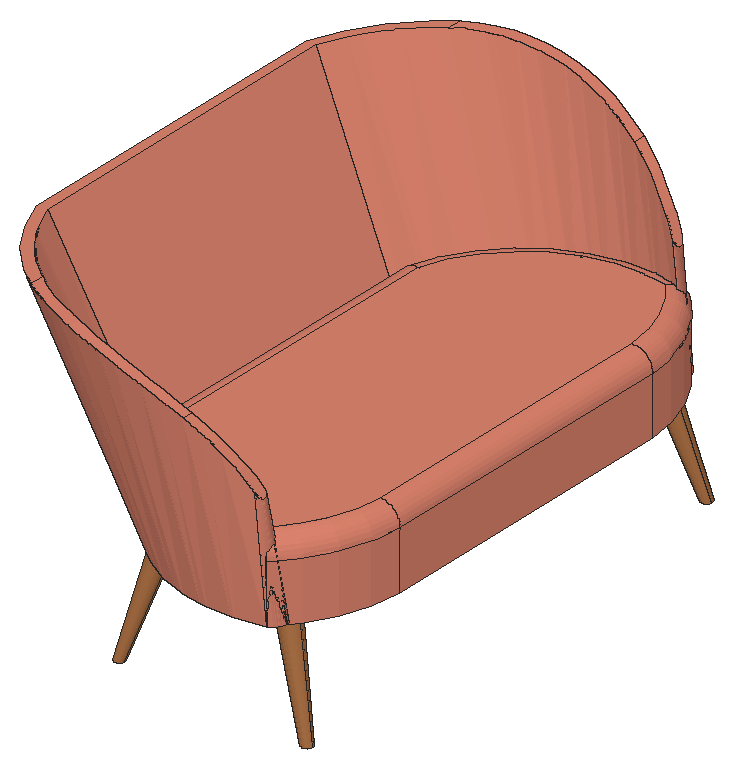
Revit family "Furniture_Chair_ROSE 8.1", category Furniture, Revit 2019
Family settings
  OmniClass Number = 23.21.23.15.17
  Work Plane-Based = Yes
  Always vertical = No
  Cut with Voids When Loaded = No
  Shared = No
  Room Calculation Point = No
Parameters (values of type "ROSE 8.1")
  Youtube clip = ""
  Uniformat II Description = "Movable Furnishings"
  Uniformat II Code = ""
  Uniclass 2015 Name = ""
  Uniclass 2015 Code = ""
  Uniclass 2.0 Description = ""
  Uniclass 2.0 Code = ""
  Uniclass 1.4 Description = ""
  Uniclass 1.4 Code = ""
  UNSPSC Code = ""
  Technical description = ""
  Shell Material = Leather - Sandler Leather 157
  Frame Material = Wood Color - 2001 Reddish Orange
  Region South America = "All"
  Region Oceania = "All"
  Region North America = "All"
  Region Middle East = "All"
  Region Europe = "All"
  Region Asia = "All"
  Region Antarctica = "All"
  Region Africa = "All"
  QR code = "https://www.sandlerseating.com/product/rose-8-1/"
  Product url = "https://www.sandlerseating.com/product/rose-8-1/"
  Product name = "ROSE 8.1"
  Product group = "Sofa"
  Product family = "Furniture"
  Product data url = "https://www.sandlerseating.com/product/rose-8-1/"
  Product certification = ""
  Product SKU = "??"
  Product Guid = "??"
  OmniClass Description = ""
  OmniClass Code = "23-21 23 15 17"
  NBS Reference Description = ""
  NBS Reference Code = ""
  Model = "ROSE 8.1"
  Masterformat 2014 Description = "Sofa Mats"
  Masterformat 2014 Code = "12 48 43.13"
  Manufacturer name = "Sandler"
  Manufacturer country = "USA"
  Manufacturer = "Sandler"
  Installation instructions = ""
  IFC Classification = "Furnishing Element"
  GTIN code = ""
  Edition number = 1
  Design country = "Brasil"
  Description = "Sofa"
  Default Elevation = 1219.200 mm
  Date of publishing = ""
  COBIe Type Category = ""
  Brand url = "https://www.sandlerseating.com/"
  BIMobject main category code = "furniture"
  BIMobject main category = "Furniture"
  BIMobject category code = "furniture-sofa"
  BIMobject category = "Sofa"
Reference planes
  plane 1 "Center Front/Back": y = 0
  plane 2: z = 0
  plane 3 "Center Left/Right": x = 0
Forms (mm)
  Blend 1, solid, material "Leather - Sandler Leather 157" <- "Shell Material"
    base sketch origin (70, 0, 733.72) x (-1, 0, 0) y (0, -1, 0)
      loop
        line (509.116, -422.365) -> (509.116, 422.365)
        arc (509.116, 422.365) -> (213.933, 728.472) -> (-207.612, 672.49) r 471.531
        arc (-207.612, 672.49) -> (-204.035, 658.784) -> (-189.997, 656.899) r 12.71
        arc (-189.997, 656.899) -> (203.794, 700.004) -> (484.116, 420.095) r 458.37
        line (484.116, 420.095) -> (484.116, -420.095)
        arc (484.116, -420.095) -> (203.794, -700.004) -> (-189.997, -656.899) r 458.37
        arc (-189.997, -656.899) -> (-208.092, -655.215) -> (-206.409, -673.31) r 11.807
        arc (-206.409, -673.31) -> (214.62, -728.231) -> (509.116, -422.365) r 471.531
    top sketch origin (70, 0, 733.72) x (-1, 0, 0) y (0, -1, 0)
      loop
        arc (-275.927, 609.309) -> (21.497, 591.503) -> (210.725, 361.348) r 372.512
        line (210.725, 361.348) -> (210.725, -381.348)
        arc (210.725, -381.348) -> (21.497, -611.503) -> (-275.927, -629.309) r 372.512
        arc (-275.927, -629.309) -> (-271.022, -655.237) -> (-251.988, -673.512) r 43.333
        arc (-251.988, -673.512) -> (56.162, -632.493) -> (245.725, -386.109) r 407.512
        line (245.725, -386.109) -> (245.725, 366.109)
        arc (245.725, 366.109) -> (56.162, 612.493) -> (-251.988, 653.512) r 407.512
        arc (-251.988, 653.512) -> (-271.552, 635.524) -> (-275.927, 609.309) r 40.89
    from 101.28 to -474.069
  Extrusion 2, solid, material "Leather - Sandler Leather 157" <- "Shell Material"
    sketch origin (70, 0, 733.72) x (-1, 0, 0) y (0, -1, 0)
      loop
        line (245.725, -386.109) -> (245.725, 366.109)
        arc (245.725, 366.109) -> (56.162, 612.493) -> (-251.988, 653.512) r 407.512
        arc (-251.988, 653.512) -> (-336.292, 530.466) -> (-371.322, 385.482) r 412.473
        line (-371.322, 385.482) -> (-371.322, -405.482)
        arc (-371.322, -405.482) -> (-336.292, -550.466) -> (-251.988, -673.512) r 412.473
        arc (-251.988, -673.512) -> (56.162, -632.493) -> (245.725, -386.109) r 407.512
    from -474.069 to -279.069
  Extrusion 3, void
    sketch origin (70, 0, -66.28) x (1, 0, 0) y (0, 0, 1)
      loop
        arc (94.114, 766.536) -> (221.749, 634.039) -> (284.885, 461.238) r 445.01
        line (284.885, 461.238) -> (371.322, 461.238) -> (371.322, 1001.238) -> (-371.616, 1001.238) -> (-371.616, 901.28)
        arc (-371.616, 901.28) -> (-128.154, 870.537) -> (94.114, 766.536) r 789.622
    from -811.452 to 866.603
  Sweep 4, void
    path in 3D
      loop
        arc (441.322, 405.482, 454.651) -> (406.292, 550.466, 454.651) -> (321.988, 673.512, 454.651) r 412.473
        arc (321.988, 673.512, 454.651) -> (13.838, 632.493, 454.651) -> (-175.725, 386.109, 454.651) r 407.512
        line (-175.725, 386.109, 454.651) -> (-175.725, -366.109, 454.651)
        arc (-175.725, -366.109, 454.651) -> (13.838, -612.493, 454.651) -> (321.988, -653.512, 454.651) r 407.512
        arc (321.988, -653.512, 454.651) -> (406.292, -530.466, 454.651) -> (441.322, -385.482, 454.651) r 412.473
        line (441.322, -385.482, 454.651) -> (441.322, 405.482, 454.651)
    profile origin (441.322, 10, 454.651) x (-1, 0, 0) y (0, 0, 1)
      loop
        line (0, 0) -> (0, -50)
        arc (0, -50) -> (14.645, -14.645) -> (50, 0) r 50
        line (50, 0) -> (0, 0)
  Blend 5, solid, material "Wood Color - 2001 Reddish Orange" <- "Frame Material"
    base sketch origin (70, 0, 800) x (-1, 0, 0) y (0, -1, 0)
      loop
        circle (121.963, 504.725) r 28.337
    top sketch origin (70, 0, 800) x (-1, 0, 0) y (0, -1, 0)
      loop
        circle (178.721, 576.393) r 12.602
    from -540.349 to -800
  Blend 6, solid, material "Wood Color - 2001 Reddish Orange" <- "Frame Material"
    base sketch origin (70, 0, 800) x (-1, 0, 0) y (0, -1, 0)
      loop
        circle (-241.463, 572.687) r 28.128
    top sketch origin (70, 0, 800) x (-1, 0, 0) y (0, -1, 0)
      loop
        circle (-320.704, 612.728) r 13.795
    from -540.349 to -800
  Blend 7, solid, material "Wood Color - 2001 Reddish Orange" <- "Frame Material"
    base sketch origin (70, 25, 800) x (-1, 0, 0) y (0, -1, 0)
      loop
        circle (121.963, -504.725) r 28.337
    top sketch origin (70, 25, 800) x (-1, 0, 0) y (0, -1, 0)
      loop
        circle (178.721, -576.393) r 12.602
    from -540.349 to -800
  Blend 8, solid, material "Wood Color - 2001 Reddish Orange" <- "Frame Material"
    base sketch origin (70, 25, 800) x (-1, 0, 0) y (0, -1, 0)
      loop
        circle (-241.463, -572.687) r 28.128
    top sketch origin (70, 25, 800) x (-1, 0, 0) y (0, -1, 0)
      loop
        circle (-320.704, -612.728) r 13.795
    from -540.349 to -800
Cuts and joins
  Extrusion 3 cuts Blend 1
  Sweep 4 cuts Extrusion 2
Lines and regions (mm)
  sketch lines
    curve 1: line (441.322, -385.482, 454.651) -> (441.322, 405.482, 454.651)
    curve 2: arc (321.988, 673.512, 454.651) -> (406.292, 550.466, 454.651) -> (441.322, 405.482, 454.651) r 412.473
    curve 3: arc (441.322, -385.482, 454.651) -> (406.292, -530.466, 454.651) -> (321.988, -653.512, 454.651) r 412.473
    curve 4: arc (321.988, -653.512, 454.651) -> (13.838, -612.493, 454.651) -> (-175.725, -366.109, 454.651) r 407.512
    curve 5: arc (-175.725, 386.109, 454.651) -> (13.838, 632.493, 454.651) -> (321.988, 673.512, 454.651) r 407.512
    curve 6: line (-175.725, 386.109, 454.651) -> (-175.725, -366.109, 454.651)
Dimensions and locks
  aligned and locked: level to plane 2
